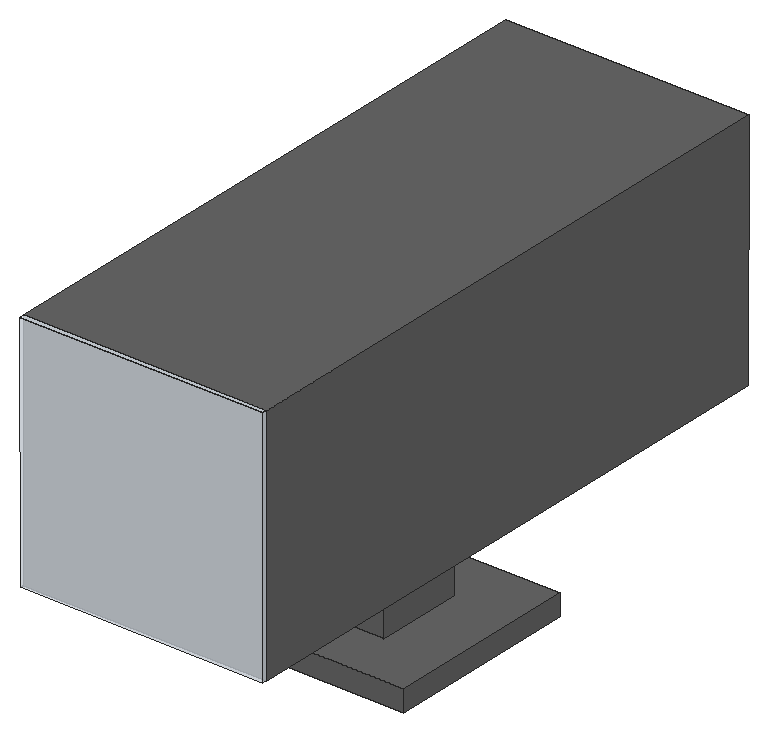
Revit family "LTC-4SQD-W", category Lighting Fixtures, host Face, Revit 2017
Family settings
  Host = Face
  Round Connector Dimension = Use Diameter
  Part Type = Normal
  OmniClass Number = 23.80.70.11.14.11
  OmniClass Title = Downlights
  Cut with Voids When Loaded = No
  Light Source = Yes
  Shared = No
  Room Calculation Point = No
Parameters (values of type "LTC-4SQD-W")
  Wattage Comments = "8-52W"  # constant formula
  Wattage = 70 W
  Warranty = "• 5 year warranty\r\n• See HLI Standard Warranty for\r\nadditional information"  # constant formula
  built-in parameter 1150110 = 1 (stored number, unit not read)
  Voltage = 120 V
  built-in parameter 1114217 = 1 (stored number, unit not read)
  Tilt Angle = -90.00°  # constant formula
  built-in parameter 1150109 = 1 (stored number, unit not read)
  built-in parameter 1150134 = 3
  built-in parameter 1150113 = 1 (stored number, unit not read)
  Photometric Web File = "LTC-4SQDPH-P-20L35K8MD-PM-S-BL.ies"
  Features = "•\t4inch architectural LED square downlight and wall wash cylinder delivering 600 - 4000 lm\r\n•\t4 beam distributions from 0.6 to 1.2 Spacing Criteria\r\n•\tQuiet reflector appearance with 50º optical cutoff\r\n•\t2700K - 5000K, 80+ and 90+ CRI options\r\n•\tAvailable in Surface, Wall, Pendant, or Cord Mount configurations\r\n•\tPowerHUBB™ enables low-voltage wired connectivity for Power over Ethernet (PoE) network system deployment\r\n•\t2 SDCM color consistency\r\n•\tLong life L90 at 55,000 hrs (TM-21)\r\n•\tFive year warranty\r\n\r\n"  # constant formula
  built-in parameter 1150105 = -12994800 (stored number, unit not read)
  Lumens = 4900 lm
  built-in parameter 1150115 = 1 (stored number, unit not read)
  built-in parameter 1150137 = (empty or 0)
  built-in parameter 1150139 = (empty or 0)
  built-in parameter 1150112 = 1 (stored number, unit not read)
  built-in parameter 1150114 = 1 (stored number, unit not read)
  built-in parameter 1150132 = (empty or 0)
  built-in parameter 1150102 = (empty or 0)
  built-in parameter 1150107 = 3200 (stored number, unit not read)
  built-in parameter 1150138 = (empty or 0)
  built-in parameter 1150106 = -129948 (stored number, unit not read)
  Emit from Rectangle Width = 5.500"  # constant formula
  Emit from Rectangle Length = 5.500"  # constant formula
  Emit Shape Visible in Rendering = no
  built-in parameter 1150104 = 6.5032 (stored number, unit not read)
  Distance = 8.480"
  Dimming Lamp Color Temperature Shift = <None>
  Copyright = "© 2021 Prescolite, a division of Hubbell Lighting, Inc"  # constant formula
  Contact us = "https://www.hubbell.com/prescolite/en/contactUs"
  Color Filter = 16777215
  Certifications = "• cCSAus certified to UL 1598\r\n• Wall Mount: Suitable for wet locations\r\n• Surface & Pendant Mount: Suitable for wet\r\nlocations under covered ceiling\r\n• Cord Mount and all Wall Wash: Suitable for\r\ndamp locations"  # constant formula
  Canopy Distance = 4.500"
  Canopy Depth = 0.500"
  built-in parameter 1114218 = 1 (stored number, unit not read)
  Ballast = Paint - Hubbell - Carbon Black
  URL = "http://www.prescolite.com/"
  Product Page URL = "https://www.hubbell.com/prescolite/en/Products/Lighting-Controls/Commercial-Indoor-Lighting/Cylinder/LITEISTRY-4-Square-Cylinder-Downlight/p/3775895"
  Product Documentation Link = "https://hubbellcdn.com/specsheet/LTC-4SQD.pdf"
  Model = "LTC-4SQD"  # constant formula
  Manufacturer = "Prescolite"  # constant formula
  Lamp = "LED Lamp"
  Reflector = Glass - Hubbell - Glass
  Description = "LITEISTRY™ 4inch Square Cylinder "  # constant formula
  Default Elevation = 48.000"
  Backbox = Hubbell - Matt Black
  built-in parameter 1150133 = 10 (stored number, unit not read)
  Apparent Load = 72 VA  # constant formula
Types (5): name | Distance | Canopy Distance | Canopy Depth
  (no name) | 8.480" | 4.500" | 0.500"
  LTC-4SQD-W | 8.480" | 4.500" | 0.500"
  LTC-4SQD-WCC | 10.680" | 5.740" | 3.000"
  LTC-4SQD-WPC | 10.680" | 7.750" | 3.000"
  LTC-4SQD-WPCC | 12.180" | 7.830" | 4.500"
Reference planes (in)
  plane 1 "Center (Front/Back)": y = 0
  plane 2: z = 0
  plane 3 "Center (Left/Right)": x = 0
  plane 4: z = 2.88
  plane 5: z = 0.5
  plane 6: y = 2.25
  plane 7: y = -2.25
  plane 8: y = 7
  plane 9: y = -7
  plane 10: x = -2.25
  plane 11: x = 2.25
  plane 12: x = -2.8
  plane 13: x = 2.8
  plane 14: z = 8.48
  plane 15: z = 5.68
Forms (in)
  Extrusion 1, solid, material "Hubbell - Matt Black" <- "Backbox"
    sketch origin (0, 0.00841, 1.00792) x (0, 1, 0) y (0, 0, 1)
      loop
        line (2.24159, -1.00792) -> (2.24159, -0.50792) -> (-2.25841, -0.50792) -> (-2.25841, -1.00792) -> (2.24159, -1.00792)
    from -2.25 to 2.25
  Extrusion 2, solid, material "Paint - Hubbell - Carbon Black" <- "Ballast"
    sketch origin (0, 0.00841, 0) x (0, 1, 0) y (0, 0, 1)
      loop
        line (0.97237, 0.3077) -> (0.97237, 2.88) -> (-1.03763, 2.88) -> (-1.03763, 0.3077) -> (0.97237, 0.3077)
    from -0.88539 to 0.81657
  Extrusion 3, solid, material "Paint - Hubbell - Carbon Black" <- "Ballast"
    sketch origin (0, 1, 2.18) x (0, 1, 0) y (0, 0, 1)
      loop
        line (6, 6.3) -> (-7.89784, 6.3) -> (-7.89784, 0.7) -> (6, 0.7) -> (6, 6.3)
    from -2.8 to 2.8
  Extrusion 4, solid, material "Glass - Hubbell - Glass" <- "Reflector"
    sketch origin (0, -0.89784, 3.28125) x (1, 0, 0) y (0, 0, 1)
      loop
        line (-2.8, -0.40125) -> (2.8, -0.40125) -> (2.8, 5.19875) -> (-2.8, 5.19875) -> (-2.8, -0.40125)
    from 6 to 6.1
Dimensions and locks (in)
  locked: Extrusion 2 sketch curve to Extrusion 2 sketch curve at 2.01
  plane 8 to plane 9 = 14.000"
  equal spacing: plane 6, plane 1 "Center (Front/Back)", plane 7
  "Canopy Distance": plane 6 to plane 7
  "Canopy Depth": plane 5 to level
  equal spacing: plane 11, plane 3 "Center (Left/Right)", plane 10
  "Canopy Distance": plane 11 to plane 10
  "Distance": plane 14 to plane 2
  locked: plane 14 to plane 4 at 5.6
  plane 14 to plane 15 to plane 5 = 2.800", 5.180"
  aligned and locked: plane 2 to host face
  aligned and locked: plane 3 "Center (Left/Right)" to imposter light
  aligned and locked: plane 4 to Extrusion 3 sketch curve
  aligned and locked: Extrusion 1 to plane 6
  aligned and locked: plane 7 to Extrusion 1
  aligned and locked: plane 5 to Extrusion 1
  aligned and locked: Extrusion 1 to plane 10
  aligned and locked: plane 11 to Extrusion 1
  aligned and locked: Extrusion 3 to Extrusion 4
  aligned and locked: plane 14 to Extrusion 3
  aligned and locked: plane 14 to Extrusion 4
  aligned and locked: Extrusion 4 sketch curve to Extrusion 3
  aligned and locked: plane 14 to Extrusion 4 sketch curve
  aligned and locked: Extrusion 2 to Extrusion 3
  aligned and locked: imposter light to plane 15
  aligned and locked: plane 9 to imposter light
Automatic sketch dimensions
  host sketch curve to host sketch curve = 96.000"  (x2)
  Extrusion 1 sketch curve to level = 0.000"
  plane 1 "Center (Front/Back)" to Extrusion 1 sketch curve = 2.250"
  level to Extrusion 1 sketch curve = 0.500"
  Extrusion 1 sketch curve to plane 1 "Center (Front/Back)" = 2.250"
  level to Extrusion 2 sketch curve = 0.3077"
  plane 1 "Center (Front/Back)" to Extrusion 2 sketch curve = 1.02922"
  plane 5 to Extrusion 2 sketch curve = 2.380"
  plane 7 to Extrusion 3 sketch curve = 4.64784"
  plane 8 to Extrusion 3 sketch curve = 0.000"
  plane 5 to Extrusion 3 sketch curve = 7.980"
  Extrusion 4 sketch curve to plane 12 = 0.000"
  Extrusion 4 sketch curve to plane 13 = 0.000"
Connectors (in)
  electrical at (0, 0, 0), driven by "Description", driven by "Voltage", driven by "Apparent Load"
    settings: index 1, voltage 120 V, apparent load 72 VA, apparent load phase1 0 VA, apparent load phase2 0 VA, apparent load phase3 0 VA, power factor 1, load classification "Other", number of poles 1, system type 30, power factor state 1, is connector primary yes, connector utility no, sub classification motor no, connector description "LITEISTRY™ 4inch Square Cylinder "
